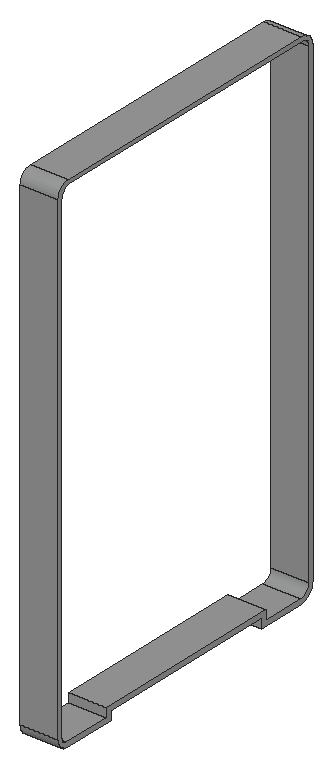
Revit family "1219-S", category Meble, Revit 2021
Family settings
  Numer OmniClass = 23.40.20.00
  Tytuł OmniClass = General Furniture and Specialties
  Oparty na płaszczyźnie roboczej = Nie
  Zawsze pionowo = Tak
  Tnij formami wycięć po wczytaniu = Nie
  Współdzielony = Nie
  Punkt obliczania pomieszczeń = Nie
Parameters (values of type "1219-S-L")
  metal = Mobilis Design RAL 9023
  Width = "6 cm"
  Weight = "14 kg"
  URL = ""
  Product line = "Tucana"
  Product Groups = ""
  Manufacturer = ""
  Keynote = ""
  Description = ""
  Model = "1219-S-L"
  Material = ""
  Maintenance = ""
  Lenght = "50 cm"
  Type Comments = ""
  Mobilis Design Materials = ""
  Hosted on = ""
  Height = "80 cm"
  Domyślna rzędna = 0 mm
  Copyright = "All designs and drawings are the common intellectual property of Lars Laj A/S and Tress and are protected by Danish and international copyright laws."
Reference planes
  plane 1 "front": y = 0
  plane 2: z = 0
  plane 3 "Środek (Lewa/Prawa)": x = 0
  plane 4: z = 705.918
Forms (mm)
  Extrusion 1, solid, material "Mobilis Design RAL 9023" <- "metal", not visible
    sketch origin (0, 0, 0) x (0, 1, 0) y (0, 0, 1)
      loop
        arc (71.187, 451.5) -> (57.045, 445.642) -> (51.187, 431.5) r 20
        line (51.187, 431.5) -> (51.187, 18.231)
        arc (51.187, 18.231) -> (56.527, 5.34) -> (69.418, 0) r 18.231
        line (69.418, 0) -> (153.638, 0) -> (153.638, 15) -> (448.638, 15) -> (448.638, 0) -> (527.023, 0)
        arc (527.023, 0) -> (542.307, 6.331) -> (548.638, 21.615) r 21.615
        line (548.638, 21.615) -> (548.638, 429.407)
        arc (548.638, 429.407) -> (542.168, 445.029) -> (526.545, 451.5) r 22.093
        line (526.545, 451.5) -> (71.187, 451.5)
    from 750.378 to 745
  Extrusion 2, solid, material "Mobilis Design RAL 9023" <- "metal", not visible
    sketch origin (0, 0, 0) x (0, 1, 0) y (0, 0, 1)
      loop
        line (548.638, 396.844) -> (629.375, 854.725) -> (601.836, 859.581)
        arc (601.836, 859.581) -> (585.224, 855.898) -> (576.082, 841.547) r 22.232
        line (576.082, 841.547) -> (507.306, 451.5) -> (526.545, 451.5)
        arc (526.545, 451.5) -> (542.168, 445.029) -> (548.638, 429.407) r 22.093
        line (548.638, 429.407) -> (548.638, 396.844)
    from 745 to 750.378
  Extrusion 3, solid, material "Kobenhagen Wood - Larch", not visible
    sketch origin (0, -896.088, 385.255) x (0, 1, 0) y (0, 0, 1)
      loop
        arc (244.222, 429.703) -> (240.686, 428.239) -> (239.222, 424.703) r 5
        line (239.222, 424.703) -> (239.222, 388.972)
        arc (239.222, 388.972) -> (239.796, 387.586) -> (241.182, 387.012) r 1.96
        line (241.182, 387.012) -> (327.222, 387.012)
        arc (327.222, 387.012) -> (328.636, 387.598) -> (329.222, 389.012) r 2
        line (329.222, 389.012) -> (329.222, 424.703)
        arc (329.222, 424.703) -> (327.757, 428.239) -> (324.222, 429.703) r 5
        line (324.222, 429.703) -> (244.222, 429.703)
    from -745.625 to 745.937
  Extrusion 4, solid, material "Kobenhagen Wood - Larch", not visible
    sketch origin (0, -998.538, 385.255) x (0, 1, 0) y (0, 0, 1)
      loop
        arc (252.671, 429.703) -> (249.136, 428.239) -> (247.671, 424.703) r 5
        line (247.671, 424.703) -> (247.671, 388.972)
        arc (247.671, 388.972) -> (248.245, 387.586) -> (249.631, 387.012) r 1.96
        line (249.631, 387.012) -> (335.671, 387.012)
        arc (335.671, 387.012) -> (337.085, 387.598) -> (337.671, 389.012) r 2
        line (337.671, 389.012) -> (337.671, 424.703)
        arc (337.671, 424.703) -> (336.207, 428.239) -> (332.671, 429.703) r 5
        line (332.671, 429.703) -> (252.671, 429.703)
    from -745.625 to 745.937
  Extrusion 5, solid, material "Kobenhagen Wood - Larch", not visible
    sketch origin (0, -1101.038, 385.255) x (0, 1, 0) y (0, 0, 1)
      loop
        arc (275.801, 429.704) -> (261.616, 423.828) -> (255.74, 409.642) r 20.061
        line (255.74, 409.642) -> (258.916, 409.642) -> (258.916, 387.013) -> (344.172, 387.013)
        arc (344.172, 387.013) -> (345.585, 387.598) -> (346.171, 389.012) r 1.999
        line (346.171, 389.012) -> (346.171, 424.706)
        arc (346.171, 424.706) -> (344.707, 428.24) -> (341.173, 429.704) r 4.998
        line (341.173, 429.704) -> (275.801, 429.704)
    from -745.625 to 745.937
  Extrusion 6, solid, material "Mobilis Design RAL 9023" <- "metal", not visible
    sketch origin (0, -896.058, 363.795) x (0, 1, 0) y (0, 0, 1)
      loop
        line (53.936, 431.102) -> (51.187, 431.102) -> (51.187, 407.787) -> (53.936, 407.787) -> (53.936, 431.102)
    from -745.625 to 745.937
  Extrusion 7, solid, material "Kobenhagen Wood - Larch", not visible
    sketch origin (0, 162.946, 385.255) x (0, -1, 0) y (0, 0, -1)
      loop
        line (275.801, -429.704) -> (342.815, -429.704)
        arc (342.815, -429.704) -> (346.349, -428.24) -> (347.813, -424.706) r 4.998
        line (347.813, -424.706) -> (347.813, -389.012)
        arc (347.813, -389.012) -> (347.227, -387.598) -> (345.813, -387.013) r 1.999
        line (345.813, -387.013) -> (258.705, -387.013) -> (258.705, -409.642) -> (255.74, -409.642)
        arc (255.74, -409.642) -> (261.616, -423.828) -> (275.801, -429.704) r 20.061
    from -745.625 to 745.938
  Extrusion 8, solid, material "Mobilis Design RAL 9023" <- "metal", not visible
    sketch origin (0, -41.823, 363.795) x (0, -1, 0) y (0, 0, -1)
      loop
        line (53.936, -431.102) -> (53.936, -407.787) -> (51.187, -407.787) -> (51.187, -431.102) -> (53.936, -431.102)
    from -745.625 to 745.938
  Extrusion 9, solid, material "Kobenhagen Wood - Larch", not visible
    sketch origin (0, -707.338, 385.255) x (0, 1, 0) y (0, 0, 1)
      loop
        arc (244.222, 429.703) -> (240.686, 428.239) -> (239.222, 424.703) r 5
        line (239.222, 424.703) -> (239.222, 388.972)
        arc (239.222, 388.972) -> (239.796, 387.586) -> (241.182, 387.012) r 1.96
        line (241.182, 387.012) -> (327.222, 387.012)
        arc (327.222, 387.012) -> (328.636, 387.598) -> (329.222, 389.012) r 2
        line (329.222, 389.012) -> (329.222, 424.703)
        arc (329.222, 424.703) -> (327.757, 428.239) -> (324.222, 429.703) r 5
        line (324.222, 429.703) -> (244.222, 429.703)
    from -745.625 to 745.937
  Extrusion 10, solid, material "Kobenhagen Wood - Larch", not visible
    sketch origin (0, -809.788, 385.255) x (0, 1, 0) y (0, 0, 1)
      loop
        arc (252.671, 429.703) -> (249.136, 428.239) -> (247.671, 424.703) r 5
        line (247.671, 424.703) -> (247.671, 388.972)
        arc (247.671, 388.972) -> (248.245, 387.586) -> (249.631, 387.012) r 1.96
        line (249.631, 387.012) -> (335.671, 387.012)
        arc (335.671, 387.012) -> (337.085, 387.598) -> (337.671, 389.012) r 2
        line (337.671, 389.012) -> (337.671, 424.703)
        arc (337.671, 424.703) -> (336.207, 428.239) -> (332.671, 429.703) r 5
        line (332.671, 429.703) -> (252.671, 429.703)
    from -745.625 to 745.937
  Extrusion 11, solid, material "Kobenhagen Wood - Larch", not visible
    sketch origin (0, -519.338, 385.255) x (0, 1, 0) y (0, 0, 1)
      loop
        arc (244.222, 429.703) -> (240.686, 428.239) -> (239.222, 424.703) r 5
        line (239.222, 424.703) -> (239.222, 388.972)
        arc (239.222, 388.972) -> (239.796, 387.586) -> (241.182, 387.012) r 1.96
        line (241.182, 387.012) -> (327.222, 387.012)
        arc (327.222, 387.012) -> (328.636, 387.598) -> (329.222, 389.012) r 2
        line (329.222, 389.012) -> (329.222, 424.703)
        arc (329.222, 424.703) -> (327.757, 428.239) -> (324.222, 429.703) r 5
        line (324.222, 429.703) -> (244.222, 429.703)
    from -745.625 to 745.937
  Extrusion 12, solid, material "Kobenhagen Wood - Larch", not visible
    sketch origin (0, -621.788, 385.255) x (0, 1, 0) y (0, 0, 1)
      loop
        arc (252.671, 429.703) -> (249.136, 428.239) -> (247.671, 424.703) r 5
        line (247.671, 424.703) -> (247.671, 388.972)
        arc (247.671, 388.972) -> (248.245, 387.586) -> (249.631, 387.012) r 1.96
        line (249.631, 387.012) -> (335.671, 387.012)
        arc (335.671, 387.012) -> (337.085, 387.598) -> (337.671, 389.012) r 2
        line (337.671, 389.012) -> (337.671, 424.703)
        arc (337.671, 424.703) -> (336.207, 428.239) -> (332.671, 429.703) r 5
        line (332.671, 429.703) -> (252.671, 429.703)
    from -745.625 to 745.937
  Extrusion 13, solid, material "Mobilis Design RAL 9023" <- "metal"
    sketch origin (870, -303.199, 0) x (0, 1, 0) y (0, 0, 1)
      loop
        line (551.451, 23.296) -> (551.451, 779.812)
        arc (551.451, 779.812) -> (545.593, 793.955) -> (531.451, 799.812) r 20
        line (531.451, 799.812) -> (71.187, 799.812)
        arc (71.187, 799.812) -> (57.045, 793.955) -> (51.187, 779.812) r 20
        line (51.187, 779.812) -> (51.187, 18.763)
        arc (51.187, 18.763) -> (56.683, 5.495) -> (69.95, 0) r 18.763
        line (69.95, 0) -> (153.638, 0) -> (153.638, 15) -> (451.451, 15) -> (451.451, 0) -> (528.155, 0)
        arc (528.155, 0) -> (544.628, 6.823) -> (551.451, 23.296) r 23.296
      loop
        arc (73.645, 793.812) -> (61.887, 788.942) -> (57.017, 777.184) r 16.628
        line (57.017, 777.184) -> (57.017, 18.763)
        arc (57.017, 18.763) -> (60.315, 10.799) -> (68.279, 7.5) r 11.263
        line (68.279, 7.5) -> (146.138, 7.5) -> (146.138, 22.5) -> (458.951, 22.5) -> (458.951, 7.5) -> (529.516, 7.5)
        arc (529.516, 7.5) -> (540.685, 12.127) -> (545.312, 23.296) r 15.796
        line (545.312, 23.296) -> (545.312, 780.419)
        arc (545.312, 780.419) -> (541.389, 789.89) -> (531.918, 793.812) r 13.394
        line (531.918, 793.812) -> (73.645, 793.812)
    from -893.125 to -833.125
Lines and regions (mm)
  model lines, style "9"
    curve 1: line (0, -52.183, 21) -> (0, -46.183, 21)
Dimensions and locks
  Extrusion 3 sketch curve to Extrusion 3 sketch curve = 90 mm
  Extrusion 3 sketch curve to Extrusion 3 sketch curve = 42.691 mm
  Extrusion 4 sketch curve to Extrusion 4 sketch curve = 90 mm
  Extrusion 4 sketch curve to Extrusion 4 sketch curve = 42.691 mm
  Extrusion 5 sketch curve to Extrusion 5 sketch curve = 42.691 mm
  Extrusion 7 sketch curve to Extrusion 7 sketch curve = 42.691 mm
  Extrusion 9 sketch curve to Extrusion 9 sketch curve = 90 mm
  Extrusion 9 sketch curve to Extrusion 9 sketch curve = 42.691 mm
  Extrusion 10 sketch curve to Extrusion 10 sketch curve = 90 mm
  Extrusion 10 sketch curve to Extrusion 10 sketch curve = 42.691 mm
  Extrusion 11 sketch curve to Extrusion 11 sketch curve = 90 mm
  Extrusion 11 sketch curve to Extrusion 11 sketch curve = 42.691 mm
  Extrusion 12 sketch curve to Extrusion 12 sketch curve = 90 mm
  Extrusion 12 sketch curve to Extrusion 12 sketch curve = 42.691 mm
  aligned and locked: level to plane 2
